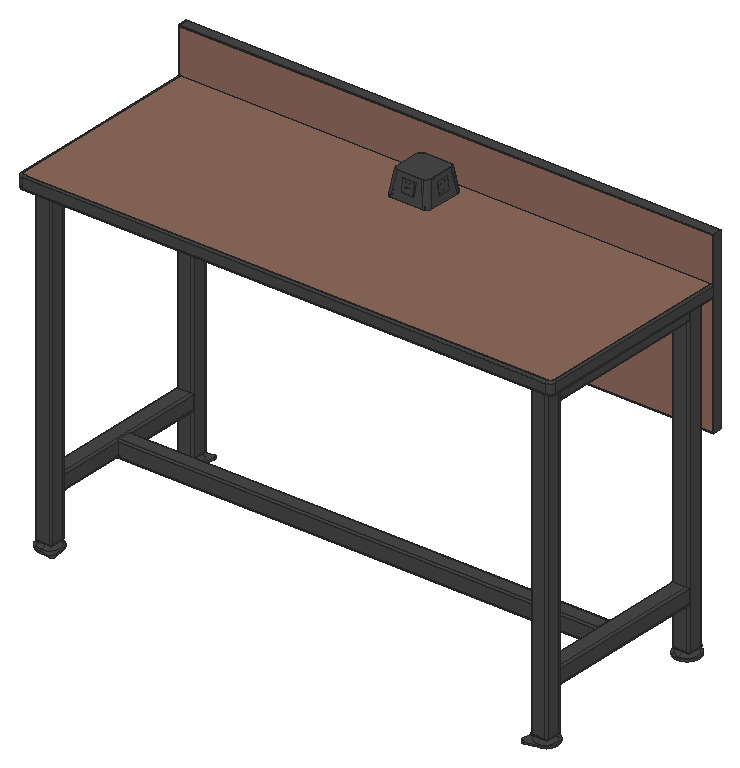
Revit family "Plymold-Aurora-Table_Dining_Counter", category Furniture, Revit 2022
Family settings
  OmniClass Number = 23.40.20.00
  OmniClass Title = General Furniture and Specialties
  Work Plane-Based = No
  Always vertical = Yes
  Cut with Voids When Loaded = No
  Render Appearance Source = Family Geometry
  Shared = No
  Room Calculation Point = No
Parameters (values of type "1904830")
  Width = 48"
  URL = "https://plymold.com/"
  Type Comments = "Dining Counter"  # constant formula
  TOP MATERIAL = PLY - Wood Mahogany
  TOP EDGE MATERIAL = PLY - Plastic Black
  Sustainability = "https://plymold.com/plymolds-sustainability-efforts/"
  Revit Model Built By = "https://servex-us.com/servex-revit/"
  Product Documentation Link = "https://plymold.com/product/powered-dining-counter-bar-height/"
  Power [instance] = yes
  POWER FINISH = PLY - Plastic Black
  Model = "1904830"
  Manufacturer = "Plymold Inc."  # constant formula
  MODESTY PANEL MATERIAL = PLY - Wood Mahogany
  Keynote = "12500"  # constant formula
  Height = 30"
  HARDWARE MATERIAL = PLY - Onyx Black Powdercoat
  GLIDE MATERIAL = PLY - Plastic Black
  FootRest = yes
  FRAME MATERIAL = PLY - Onyx Black Powdercoat
  FR Height = 5 7/8"
  Description = "Powered Dining Counter - 48\" Dining Height ADA"
  Depth = 19"
  Default Elevation = 0"
  Assembly Code = "E2020200"
Types (5): name | Width | Model | Height | FR Height | Description
  (no name) | 48" | "1904830" | 30" | 5 7/8" | "Powered Dining Counter - 48\" Dining Height ADA"
  1904830 | 48" | "1904830" | 30" | 5 7/8" | "Powered Dining Counter - 48\" Dining Height ADA"
  1909642 | 96" | "1909642" | 42" | 11 7/8" | "Powered Dining Counter - 96\" Long Bar Height"
  1904842 | 48" | "1904842" | 42" | 11 7/8" | "Powered Dining Counter - 48\" Long Bar Height"
  1907242 | 72" | "1907242" | 42" | 11 7/8" | "Powered Dining Counter - 72\" Long Bar Height"
Reference planes (in)
  plane 1 "Center Front/Back": y = 0
  plane 2: z = 0
  plane 3 "Center Left/Right": x = 0
  plane 4: z = 30
  plane 5: x = 48
  plane 6: y = -19
  plane 7: x = 1.75
  plane 8: x = 46.2502
  plane 9: z = 28.813
  plane 10: x = 23.98438
  plane 11: x = 24.01562
  plane 12: z = 5.875
Forms (in)
  Revolve 1, solid, material "PLY - Plastic Black" <- "GLIDE MATERIAL"
    sketch origin (1.75, -2.49539, 48) x (0, -1, 0) y (0, 0, 1)
      loop
        line (-0.91339, -47.447) -> (-1.10092, -47.447) -> (-1.10092, -47.5) -> (-1.28839, -47.5)
        arc (-1.28839, -47.5) -> (-1.50571, -47.75481) -> (-1.82679, -47.85) r 0.5891
        line (-1.82679, -47.85) -> (-0.91339, -47.85) -> (-0.91339, -47.447)
      axis (-0.91339, -47.447) -> (-0.91339, -47.85)
    angle from 0 to 360
  Extrusion 2, solid, material "PLY - Plastic Black" <- "GLIDE MATERIAL"
    sketch origin (0, 0, 0) x (1, 0, 0) y (0, 1, 0)
      loop
        line (0.9999, -0.932) -> (0.9999, -2.232)
        arc (0.9999, -2.232) -> (1.02919, -2.30271) -> (1.0999, -2.332) r 0.1
        line (1.0999, -2.332) -> (2.3999, -2.332)
        arc (2.3999, -2.332) -> (2.47061, -2.30271) -> (2.4999, -2.232) r 0.1
        line (2.4999, -2.232) -> (2.4999, -0.932)
        arc (2.4999, -0.932) -> (2.47061, -0.86129) -> (2.3999, -0.832) r 0.1
        line (2.3999, -0.832) -> (1.0999, -0.832)
        arc (1.0999, -0.832) -> (1.02919, -0.86129) -> (0.9999, -0.932) r 0.1
      loop
        arc (47.0001, -0.932) -> (46.97081, -0.86129) -> (46.9001, -0.832) r 0.1
        line (46.9001, -0.832) -> (45.6001, -0.832)
        arc (45.6001, -0.832) -> (45.52939, -0.86129) -> (45.5001, -0.932) r 0.1
        line (45.5001, -0.932) -> (45.5001, -2.232)
        arc (45.5001, -2.232) -> (45.52939, -2.30271) -> (45.6001, -2.332) r 0.1
        line (45.6001, -2.332) -> (46.9001, -2.332)
        arc (46.9001, -2.332) -> (46.97081, -2.30271) -> (47.0001, -2.232) r 0.1
        line (47.0001, -2.232) -> (47.0001, -0.932)
      loop
        arc (0.9999, -18.15) -> (1.02919, -18.22071) -> (1.0999, -18.25) r 0.1
        line (1.0999, -18.25) -> (2.3999, -18.25)
        arc (2.3999, -18.25) -> (2.47061, -18.22071) -> (2.4999, -18.15) r 0.1
        line (2.4999, -18.15) -> (2.4999, -16.85)
        arc (2.4999, -16.85) -> (2.47061, -16.77929) -> (2.3999, -16.75) r 0.1
        line (2.3999, -16.75) -> (1.0999, -16.75)
        arc (1.0999, -16.75) -> (1.02919, -16.77929) -> (0.9999, -16.85) r 0.1
        line (0.9999, -16.85) -> (0.9999, -18.15)
      loop
        line (47.0001, -18.15) -> (47.0001, -16.85)
        arc (47.0001, -16.85) -> (46.97081, -16.77929) -> (46.9001, -16.75) r 0.1
        line (46.9001, -16.75) -> (45.6001, -16.75)
        arc (45.6001, -16.75) -> (45.52939, -16.77929) -> (45.5001, -16.85) r 0.1
        line (45.5001, -16.85) -> (45.5001, -18.15)
        arc (45.5001, -18.15) -> (45.52939, -18.22071) -> (45.6001, -18.25) r 0.1
        line (45.6001, -18.25) -> (46.9001, -18.25)
        arc (46.9001, -18.25) -> (46.97081, -18.22071) -> (47.0001, -18.15) r 0.1
    from 0.553 to 0.623
  Extrusion 3, solid, material "PLY - Onyx Black Powdercoat" <- "FRAME MATERIAL"
    sketch origin (0, 0, 0) x (1, 0, 0) y (0, 1, 0)
      loop
        line (0.9999, -16.9375) -> (0.9999, -18.0625)
        arc (0.9999, -18.0625) -> (1.05482, -18.19508) -> (1.1874, -18.25) r 0.1875
        line (1.1874, -18.25) -> (2.3124, -18.25)
        arc (2.3124, -18.25) -> (2.44498, -18.19508) -> (2.4999, -18.0625) r 0.1875
        line (2.4999, -18.0625) -> (2.4999, -16.9375)
        arc (2.4999, -16.9375) -> (2.44498, -16.80492) -> (2.3124, -16.75) r 0.1875
        line (2.3124, -16.75) -> (1.1874, -16.75)
        arc (1.1874, -16.75) -> (1.05482, -16.80492) -> (0.9999, -16.9375) r 0.1875
      loop
        line (45.5001, -16.9375) -> (45.5001, -18.0625)
        arc (45.5001, -18.0625) -> (45.55502, -18.19508) -> (45.6876, -18.25) r 0.1875
        line (45.6876, -18.25) -> (46.8126, -18.25)
        arc (46.8126, -18.25) -> (46.94518, -18.19508) -> (47.0001, -18.0625) r 0.1875
        line (47.0001, -18.0625) -> (47.0001, -16.9375)
        arc (47.0001, -16.9375) -> (46.94518, -16.80492) -> (46.8126, -16.75) r 0.1875
        line (46.8126, -16.75) -> (45.6876, -16.75)
        arc (45.6876, -16.75) -> (45.55502, -16.80492) -> (45.5001, -16.9375) r 0.1875
      loop
        line (0.9999, -1.0195) -> (0.9999, -2.1445)
        arc (0.9999, -2.1445) -> (1.05482, -2.27708) -> (1.1874, -2.332) r 0.1875
        line (1.1874, -2.332) -> (2.3124, -2.332)
        arc (2.3124, -2.332) -> (2.44498, -2.27708) -> (2.4999, -2.1445) r 0.1875
        line (2.4999, -2.1445) -> (2.4999, -1.0195)
        arc (2.4999, -1.0195) -> (2.44498, -0.88692) -> (2.3124, -0.832) r 0.1875
        line (2.3124, -0.832) -> (1.1874, -0.832)
        arc (1.1874, -0.832) -> (1.05482, -0.88692) -> (0.9999, -1.0195) r 0.1875
      loop
        line (45.5001, -1.0195) -> (45.5001, -2.1445)
        arc (45.5001, -2.1445) -> (45.55502, -2.27708) -> (45.6876, -2.332) r 0.1875
        line (45.6876, -2.332) -> (46.8126, -2.332)
        arc (46.8126, -2.332) -> (46.94518, -2.27708) -> (47.0001, -2.1445) r 0.1875
        line (47.0001, -2.1445) -> (47.0001, -1.0195)
        arc (47.0001, -1.0195) -> (46.94518, -0.88692) -> (46.8126, -0.832) r 0.1875
        line (46.8126, -0.832) -> (45.6876, -0.832)
        arc (45.6876, -0.832) -> (45.55502, -0.88692) -> (45.5001, -1.0195) r 0.1875
    from 0.623 to 28.686
  Extrusion 4, solid, material "PLY - Onyx Black Powdercoat" <- "FRAME MATERIAL"
    sketch origin (0, 0, 0) x (1, 0, 0) y (0, 0, 1)
      loop
        line (0.9999, 28.4985) -> (0.9999, 27.3735)
        arc (0.9999, 27.3735) -> (1.05482, 27.24092) -> (1.1874, 27.186) r 0.1875
        line (1.1874, 27.186) -> (2.3124, 27.186)
        arc (2.3124, 27.186) -> (2.44498, 27.24092) -> (2.4999, 27.3735) r 0.1875
        line (2.4999, 27.3735) -> (2.4999, 28.4985)
        arc (2.4999, 28.4985) -> (2.44498, 28.63108) -> (2.3124, 28.686) r 0.1875
        line (2.3124, 28.686) -> (1.1874, 28.686)
        arc (1.1874, 28.686) -> (1.05482, 28.63108) -> (0.9999, 28.4985) r 0.1875
      loop
        arc (47.00043, 28.49846) -> (46.94546, 28.63118) -> (46.81274, 28.68616) r 0.1877
        line (46.81274, 28.68616) -> (45.68746, 28.68616)
        arc (45.68746, 28.68616) -> (45.55474, 28.63118) -> (45.49977, 28.49846) r 0.1877
        line (45.49977, 28.49846) -> (45.49977, 27.37354)
        arc (45.49977, 27.37354) -> (45.55474, 27.24082) -> (45.68746, 27.18584) r 0.1877
        line (45.68746, 27.18584) -> (46.81274, 27.18584)
        arc (46.81274, 27.18584) -> (46.94546, 27.24082) -> (47.00043, 27.37354) r 0.1877
        line (47.00043, 27.37354) -> (47.00043, 28.49846)
      loop
        line (0.9999, 5.6875) -> (0.9999, 4.56045)
        arc (0.9999, 4.56045) -> (1.05483, 4.42784) -> (1.18744, 4.37291) r 0.18754
        line (1.18744, 4.37291) -> (2.31236, 4.37291)
        arc (2.31236, 4.37291) -> (2.44497, 4.42784) -> (2.4999, 4.56045) r 0.18754
        line (2.4999, 4.56045) -> (2.4999, 5.6875)
        arc (2.4999, 5.6875) -> (2.44498, 5.82008) -> (2.3124, 5.875) r 0.1875
        line (2.3124, 5.875) -> (1.1874, 5.875)
        arc (1.1874, 5.875) -> (1.05482, 5.82008) -> (0.9999, 5.6875) r 0.1875
      loop
        arc (47.00043, 5.68657) -> (46.94524, 5.81981) -> (46.812, 5.875) r 0.18843
        line (46.812, 5.875) -> (45.6882, 5.875)
        arc (45.6882, 5.875) -> (45.55496, 5.81981) -> (45.49977, 5.68657) r 0.18843
        line (45.49977, 5.68657) -> (45.49977, 4.56058)
        arc (45.49977, 4.56058) -> (45.55474, 4.42788) -> (45.68744, 4.37291) r 0.18767
        line (45.68744, 4.37291) -> (46.81276, 4.37291)
        arc (46.81276, 4.37291) -> (46.94546, 4.42788) -> (47.00043, 4.56058) r 0.18767
        line (47.00043, 4.56058) -> (47.00043, 5.68657)
    from 2.332 to 16.75
  Revolve 5, solid, material "PLY - Plastic Black" <- "GLIDE MATERIAL"
    sketch origin (1.75, -19.49539, 48) x (0, -1, 0) y (0, 0, 1)
      loop
        line (-1.99539, -47.447) -> (-2.18292, -47.447) -> (-2.18292, -47.5) -> (-2.37039, -47.5)
        arc (-2.37039, -47.5) -> (-2.58771, -47.75481) -> (-2.90879, -47.85) r 0.5891
        line (-2.90879, -47.85) -> (-1.99539, -47.85) -> (-1.99539, -47.447)
      axis (-1.99539, -47.447) -> (-1.99539, -47.85)
    angle from 0 to 360
  Revolve 6, solid, material "PLY - Plastic Black" <- "GLIDE MATERIAL"
    sketch origin (46.2502, -2.49539, 48) x (0, -1, 0) y (0, 0, 1)
      loop
        line (-0.91339, -47.447) -> (-1.10092, -47.447) -> (-1.10092, -47.5) -> (-1.28839, -47.5)
        arc (-1.28839, -47.5) -> (-1.50571, -47.75481) -> (-1.82679, -47.85) r 0.5891
        line (-1.82679, -47.85) -> (-0.91339, -47.85) -> (-0.91339, -47.447)
      axis (-0.91339, -47.447) -> (-0.91339, -47.85)
    angle from 0 to 360
  Extrusion 7, solid, material "PLY - Plastic Black" <- "GLIDE MATERIAL"
    sketch origin (0, 0, 0) x (1, 0, 0) y (0, 1, 0)
      loop
        arc (3.03158, -0.65764) -> (2.9436, -0.3884) -> (2.67436, -0.30042) r 0.313
        line (2.67436, -0.30042) -> (1.57781, -0.47026)
        arc (1.57781, -0.47026) -> (0.9545, -2.3775) -> (2.86174, -1.75419) r 1.125
        line (2.86174, -1.75419) -> (3.03158, -0.65764)
      loop
        line (44.96862, -0.65764) -> (45.13846, -1.75419)
        arc (45.13846, -1.75419) -> (47.0457, -2.3775) -> (46.42239, -0.47026) r 1.125
        line (46.42239, -0.47026) -> (45.32584, -0.30042)
        arc (45.32584, -0.30042) -> (45.0566, -0.3884) -> (44.96862, -0.65764) r 0.313
      loop
        line (3.03158, -18.42436) -> (2.86174, -17.32781)
        arc (2.86174, -17.32781) -> (0.9545, -16.7045) -> (1.57781, -18.61174) r 1.125
        line (1.57781, -18.61174) -> (2.67436, -18.78158)
        arc (2.67436, -18.78158) -> (2.9436, -18.6936) -> (3.03158, -18.42436) r 0.313
      loop
        arc (44.96862, -18.42436) -> (45.0566, -18.6936) -> (45.32584, -18.78158) r 0.313
        line (45.32584, -18.78158) -> (46.42239, -18.61174)
        arc (46.42239, -18.61174) -> (47.0457, -16.7045) -> (45.13846, -17.32781) r 1.125
        line (45.13846, -17.32781) -> (44.96862, -18.42436)
    from 0 to 0.15
  Extrusion 8, solid, material "PLY - Onyx Black Powdercoat" <- "HARDWARE MATERIAL"
    sketch origin (0, 0, 0) x (1, 0, 0) y (0, 1, 0)
      loop
        line (6.7499, -0.832) -> (0.2499, -0.832) -> (0.2499, -6.25) -> (6.7499, -0.832)
      loop
        line (41.2501, -0.832) -> (47.7501, -6.25) -> (47.7501, -0.832) -> (41.2501, -0.832)
      loop
        line (6.7499, -18.25) -> (0.2499, -11.75) -> (0.2499, -18.25) -> (6.7499, -18.25)
      loop
        line (41.2501, -18.25) -> (47.7501, -18.25) -> (47.7501, -11.75) -> (41.2501, -18.25)
    from 28.686 to 28.813
  Sweep 9, solid, material "PLY - Plastic Black" <- "TOP EDGE MATERIAL"
    path origin (0, 0, 0) x (1, 0, 0) y (0, 0, 1)
      loop
        line (0, 34) -> (0, 18) -> (48, 18) -> (48, 34) -> (0, 34)
    profile origin (24, 0, 34) x (0, 0, 1) y (0, -1, 0)
      loop
        line (0, 0) -> (0, 0.832) -> (-0.03937, 0.832) -> (-0.03937, 0) -> (0, 0)
  Extrusion 10, solid, material "PLY - Wood Mahogany" <- "MODESTY PANEL MATERIAL"
    sketch origin (0, 0, 0) x (1, 0, 0) y (0, 0, 1)
      loop
        line (0.03937, 33.96063) -> (0.03937, 18.03937) -> (47.96063, 18.03937) -> (47.96063, 33.96063) -> (0.03937, 33.96063)
    from 0 to 0.832
  Sweep 11, solid, material "PLY - Plastic Black" <- "TOP EDGE MATERIAL"
    path origin (0, 0, 30) x (0, 1, 0) y (-1, 0, 0)
      loop
        line (-0.832, 0) -> (-18.5, 0)
        arc (-18.5, 0) -> (-18.85355, -0.14645) -> (-19, -0.5) r 0.5
        line (-19, -0.5) -> (-19, -47.5)
        arc (-19, -47.5) -> (-18.85355, -47.85355) -> (-18.5, -48) r 0.5
        line (-18.5, -48) -> (-0.832, -48)
    profile origin (24, -19, 30) x (0, 1, 0) y (0, 0, 1)
      loop
        arc (0.1874, 0) -> (0.05489, -0.05489) -> (0, -0.1874) r 0.1874
        line (0, -0.1874) -> (0, -0.9996)
        arc (0, -0.9996) -> (0.05489, -1.13211) -> (0.1874, -1.187) r 0.1874
        line (0.1874, -1.187) -> (0.1874, 0)
  Extrusion 12, solid, material "PLY - Wood Mahogany" <- "TOP MATERIAL"
    sketch origin (0, -0.832, 28.813) x (0, 1, 0) y (-1, 0, 0)
      loop
        line (0, -0.1874) -> (-17.668, -0.1874)
        arc (-17.668, -0.1874) -> (-17.88904, -0.27896) -> (-17.9806, -0.5) r 0.3126
        line (-17.9806, -0.5) -> (-17.9806, -47.5)
        arc (-17.9806, -47.5) -> (-17.88904, -47.72104) -> (-17.668, -47.8126) r 0.3126
        line (-17.668, -47.8126) -> (0, -47.8126) -> (0, -0.1874)
    from 0 to 1.187
  Revolve 13, solid, material "PLY - Plastic Black" <- "GLIDE MATERIAL"
    sketch origin (46.2502, -2.49539, 48) x (0, -1, 0) y (0, 0, 1)
      loop
        line (15.00461, -47.447) -> (14.81708, -47.447) -> (14.81708, -47.5) -> (14.62961, -47.5)
        arc (14.62961, -47.5) -> (14.41229, -47.75481) -> (14.09121, -47.85) r 0.5891
        line (14.09121, -47.85) -> (15.00461, -47.85) -> (15.00461, -47.447)
      axis (15.00461, -47.447) -> (15.00461, -47.85)
    angle from 0 to 360
  Extrusion 14, solid, material "PLY - Onyx Black Powdercoat" <- "FRAME MATERIAL", visible <- "FootRest"
    sketch origin (0, 0, 0) x (0, 1, 0) y (0, 0, 1)
      loop
        arc (-9.332, 5.717) -> (-9.37698, 5.8286) -> (-9.488, 5.875) r 0.15601
        line (-9.488, 5.875) -> (-10.676, 5.875)
        arc (-10.676, 5.875) -> (-10.78643, 5.82802) -> (-10.832, 5.717) r 0.15801
        line (-10.832, 5.717) -> (-10.832, 4.529)
        arc (-10.832, 4.529) -> (-10.78631, 4.41869) -> (-10.676, 4.373) r 0.156
        line (-10.676, 4.373) -> (-9.488, 4.373)
        arc (-9.488, 4.373) -> (-9.37769, 4.41869) -> (-9.332, 4.529) r 0.156
        line (-9.332, 4.529) -> (-9.332, 5.717)
      loop
        arc (-8.25, 28.655) -> (-8.29498, 28.7666) -> (-8.406, 28.813) r 0.15601
        line (-8.406, 28.813) -> (-9.594, 28.813)
        arc (-9.594, 28.813) -> (-9.70443, 28.76602) -> (-9.75, 28.655) r 0.15801
        line (-9.75, 28.655) -> (-9.75, 27.467)
        arc (-9.75, 27.467) -> (-9.70431, 27.35669) -> (-9.594, 27.311) r 0.156
        line (-9.594, 27.311) -> (-8.406, 27.311)
        arc (-8.406, 27.311) -> (-8.29569, 27.35669) -> (-8.25, 27.467) r 0.156
        line (-8.25, 27.467) -> (-8.25, 28.655)
    from 2.4999 to 45.49977
Lines and regions (in)
  symbolic lines
    curve 1: line (0, 0, 28.813) -> (48, 0, 28.813)
    curve 2: line (0, -19, 28.813) -> (0, 0, 28.813)
    curve 3: line (48, -19, 28.813) -> (0, -19, 28.813)
    curve 4: line (48, 0, 28.813) -> (48, -19, 28.813)
    curve 5: line (0, -0.832, 28.813) -> (48, -0.832, 28.813)
  symbolic lines, style "FurnitureHiddenLines", detail levels fine
    curve 6: line (0.9999, -18.25, 28.813) -> (0.9999, -0.832, 28.813)
    curve 7: line (2.4999, -18.25, 28.813) -> (0.9999, -18.25, 28.813)
    curve 8: line (2.4999, -0.832, 28.813) -> (2.4999, -18.25, 28.813)
    curve 9: line (47.0001, -18.25, 28.813) -> (47.0001, -0.832, 28.813)
    curve 10: line (45.5001, -18.25, 28.813) -> (47.0001, -18.25, 28.813)
    curve 11: line (45.5001, -0.832, 28.813) -> (45.5001, -18.25, 28.813)
  symbolic lines, style "FurnitureHiddenLines", visible <- "FootRest", detail levels fine
    curve 12: line (2.4999, -9.332, 28.813) -> (45.5001, -9.332, 28.813)
    curve 13: line (45.5001, -10.832, 28.813) -> (2.4999, -10.832, 28.813)
Dimensions and locks (in)
  "Width": plane 3 "Center Left/Right" to plane 5
  "Depth": plane 1 "Center Front/Back" to plane 6
  "Height": plane 4 to plane 2
  Extrusion 2 sketch curve to Extrusion 2 sketch curve to plane 6 = 1 1/2" locked, 3/4" locked
  Extrusion 2 sketch curve to Extrusion 2 sketch curve to plane 1 "Center Front/Back" = 1 1/2" locked, 0.832" locked
  plane 3 "Center Left/Right" to Extrusion 2 sketch curve to Extrusion 2 sketch curve = 0.9999" locked, 1 1/2" locked
  Extrusion 2 sketch curve to Extrusion 2 sketch curve to plane 5 = 1 1/2" locked, 0.9999" locked
  Extrusion 3 sketch curve to Extrusion 3 sketch curve to plane 1 "Center Front/Back" = 1 1/2" locked, 0.832" locked
  plane 3 "Center Left/Right" to Extrusion 3 sketch curve to Extrusion 3 sketch curve = 0.9999" locked, 1 1/2" locked
  Extrusion 3 sketch curve to Extrusion 3 sketch curve to plane 5 = 1 1/2" locked, 0.9999" locked
  Extrusion 3 sketch curve to Extrusion 3 sketch curve to plane 6 = 1 1/2" locked, 3/4" locked
  Extrusion 2 to Extrusion 2 to plane 2 = 0.07" locked, 0.553" locked
  plane 4 to Extrusion 4 sketch curve to Extrusion 4 sketch curve = 1.314" locked, 1 1/2" locked
  Extrusion 4 sketch curve to Extrusion 4 sketch curve to plane 3 "Center Left/Right" = 1 1/2" locked, 0.9999" locked
  locked: Extrusion 3 to plane 2 at 0.623
  locked: plane 3 "Center Left/Right" to plane 7 at 1.75
  locked: plane 8 to plane 5 at 1.7498
  plane 1 "Center Front/Back" to Revolve 1 sketch curve to Revolve 1 sketch curve to Revolve 1 sketch curve to Revolve 1 sketch curve to Revolve 1 sketch curve = 0.66861" locked, 0.53839" locked, 0.18748" locked, 0.18752" locked, 0" locked
  Revolve 6 sketch curve to Revolve 6 sketch curve to Revolve 6 sketch curve to Revolve 6 sketch curve to Revolve 6 sketch curve = 0.53839" locked, 0.18748" locked, 0.18752" locked, 0" locked
  Revolve 5 sketch curve to Revolve 5 sketch curve to Revolve 5 sketch curve to Revolve 5 sketch curve to Revolve 5 sketch curve to plane 6 = 0.53839" locked, 0.18748" locked, 0.18752" locked, 0" locked, 1 1/2" locked
  locked: Extrusion 7 sketch curve to plane 1 "Center Front/Back" at 1.582
  locked: Extrusion 7 sketch curve to plane 1 "Center Front/Back" at 0.60973
  locked: plane 7 to Extrusion 7 sketch curve at 0.97227  (x2)
  Extrusion 7 sketch curve to Extrusion 7 sketch curve to plane 6 = 0.97227" locked, 0.52773" locked  (x2)
  locked: Extrusion 7 sketch curve to plane 8 at 0.97227  (x2)
  Extrusion 7 sketch curve to Extrusion 7 sketch curve to plane 1 "Center Front/Back" = 0.97227" locked, 0.60973" locked
  locked: Extrusion 8 sketch curve to plane 1 "Center Front/Back" at 0.832  (x2)
  locked: Extrusion 8 sketch curve to plane 5 at 0.2499  (x2)
  locked: plane 3 "Center Left/Right" to Extrusion 8 sketch curve at 0.2499  (x2)
  locked: Extrusion 8 sketch curve to plane 6 at 0.75  (x2)
  locked: plane 4 to plane 9 at 1.187
  locked: plane 9 to Extrusion 3 at 0.127
  locked: plane 9 to Extrusion 8 at 0.127
  locked: Extrusion 7 to plane 2 at 0.15
  Sweep 9 sketch curve to plane 4 to Sweep 9 sketch curve = 4" locked, 12" locked
  locked: profile plane to Sweep 9 sketch curve at 0.832
  locked: Sweep 9 sketch curve to profile plane at 0.03937
  locked: Sweep 11 sketch curve to plane 1 "Center Front/Back" at 0.832  (x2)
  locked: Sweep 11 sketch curve to profile plane at 0.1874
  locked: plane 4 to Sweep 11 sketch curve at 0.1874
  locked: Sweep 11 sketch curve to plane 9 at 0.1874
  locked: Extrusion 12 sketch curve to plane 1 "Center Front/Back" at 0.832
  locked: plane 3 "Center Left/Right" to Extrusion 12 sketch curve at 0.1874
  locked: Extrusion 12 sketch curve to plane 5 at 0.1874
  locked: Extrusion 12 sketch curve to plane 6 at 0.1874
  Revolve 13 sketch curve to Revolve 13 sketch curve to Revolve 13 sketch curve to Revolve 13 sketch curve to Revolve 13 sketch curve to plane 6 = 0.53839" locked, 0.18748" locked, 0.18752" locked, 0" locked, 1 1/2" locked
  locked: plane 3 "Center Left/Right" to plane 10 at 23.98438
  locked: plane 11 to plane 5 at 23.98438
  locked: nested 1 to plane 1 "Center Front/Back" at 3.332
  nested 2 to plane 1 "Center Front/Back" = 3.332"
  "FR Height": plane 12 to plane 2
  locked: plane 12 to Extrusion 4 sketch curve at 1.50209
  locked: Extrusion 14 sketch curve to plane 12 at 1.502
  plane 1 "Center Front/Back" to Extrusion 14 sketch curve to Extrusion 14 sketch curve = 9.332" locked, 1 1/2" locked
  locked: plane 7 to Extrusion 14 at 0.7499
  locked: Extrusion 14 to plane 8 at 0.75043
  locked: Extrusion 14 sketch curve to Extrusion 14 sketch curve at 1.5
  locked: plane 9 to Extrusion 14 sketch curve at 1.502
  aligned and locked: level to plane 2
  aligned and locked: Extrusion 2 sketch curve to Extrusion 2 sketch curve  (x8)
  aligned and locked: Extrusion 3 sketch curve to Extrusion 3 sketch curve  (x8)
  aligned and locked: Extrusion 4 sketch curve to Extrusion 4 sketch curve  (x6)
  aligned and locked: plane 7 to Extrusion 7 sketch curve  (x2)
  aligned and locked: plane 8 to Extrusion 7 sketch curve  (x2)
  aligned and locked: Extrusion 3 to Extrusion 4
  aligned and locked: plane 9 to Extrusion 8
  aligned and locked: Extrusion 7 to plane 2
  aligned and locked: Extrusion 7 to Revolve 1
  aligned and locked: plane 5 to Sweep 9 sketch curve
  aligned and locked: plane 3 "Center Left/Right" to Sweep 9 sketch curve
  aligned and locked: profile plane to Sweep 9 sketch curve  (x2)
  aligned and locked: Sweep 9 to Extrusion 10 sketch curve
  aligned and locked: Extrusion 10 sketch curve to Sweep 9  (x3)
  aligned and locked: Extrusion 10 to plane 1 "Center Front/Back"
  aligned and locked: Sweep 9 to Extrusion 10
  aligned and locked: Sweep 11 sketch curve to plane 3 "Center Left/Right"
  aligned and locked: Sweep 11 sketch curve to plane 5
  aligned and locked: Sweep 11 sketch curve to plane 6
  aligned and locked: profile plane to Sweep 11 sketch curve
  aligned and locked: Extrusion 12 to plane 9
  aligned and locked: plane 4 to Extrusion 12
  aligned and locked: plane 10 to nested 1
  aligned and locked: nested 2 to plane 11
  aligned and locked: plane 4 to nested 2
  aligned and locked: nested 1 to plane 4
  aligned and locked: curve 1 to Sweep 9
  aligned and locked: plane 6 to curve 3
  aligned and locked: plane 5 to curve 4
  aligned and locked: curve 5 to Sweep 9
  aligned and locked: plane 3 "Center Left/Right" to curve 2
  aligned and locked: curve 6 to Extrusion 2
  aligned and locked: curve 7 to Extrusion 8
  aligned and locked: curve 11 to Extrusion 3
  aligned and locked: curve 9 to Extrusion 3
  aligned and locked: Extrusion 8 to curve 10
  aligned and locked: curve 8 to Extrusion 3
  aligned and locked: Extrusion 4 sketch curve to plane 12
  aligned and locked: Extrusion 14 sketch curve to plane 12
  aligned and locked: curve 13 to Extrusion 14
  aligned and locked: plane 9 to Extrusion 14 sketch curve
  aligned and locked: Extrusion 4 to Extrusion 3
Automatic sketch dimensions
  level to Revolve 1 sketch curve = 0.15"
  level to Revolve 1 sketch curve = 1/2"
  Revolve 1 sketch curve to Revolve 1 sketch curve = 0.053"
  Revolve 1 sketch curve to level = 0.1"
  Revolve 1 sketch curve to Revolve 1 sketch curve = 0"
  Extrusion 2 sketch curve to Extrusion 2 sketch curve = 0.1"  (x16)
  Extrusion 3 sketch curve to Extrusion 3 sketch curve = 3/16"  (x16)
  Extrusion 4 sketch curve to Extrusion 4 sketch curve = 3/16"  (x4)
  plane 12 to Extrusion 4 sketch curve = 3/16"  (x2)
  Extrusion 4 sketch curve to Extrusion 4 sketch curve = 0.18754"  (x2)
  Extrusion 4 sketch curve to plane 9 = 0.31454"
  plane 8 to Extrusion 4 sketch curve = 0.75043"
  Extrusion 4 sketch curve to Extrusion 4 sketch curve = 0.18767"  (x2)
  Extrusion 4 sketch curve to plane 9 = 0.12684"
  Extrusion 4 sketch curve to Extrusion 4 sketch curve = 0.1877"
  Extrusion 4 sketch curve to Extrusion 4 sketch curve = 0.18843"
  Extrusion 4 sketch curve to plane 8 = 0.5618"
  Extrusion 4 sketch curve to plane 8 = 0.56254"  (x2)
  Extrusion 4 sketch curve to plane 8 = 0.56256"
  Extrusion 4 sketch curve to Extrusion 4 sketch curve = 1.31262"
  level to Revolve 5 sketch curve = 0.15"
  level to Revolve 5 sketch curve = 1/2"
  Revolve 5 sketch curve to Revolve 5 sketch curve = 0.053"
  Revolve 5 sketch curve to level = 0.1"
  Revolve 5 sketch curve to Revolve 5 sketch curve = 0"
  plane 1 "Center Front/Back" to Revolve 6 sketch curve = 0.66861"
  level to Revolve 6 sketch curve = 0.15"
  level to Revolve 6 sketch curve = 1/2"
  Revolve 6 sketch curve to Revolve 6 sketch curve = 0.053"
  Revolve 6 sketch curve to level = 0.1"
  Revolve 6 sketch curve to Revolve 6 sketch curve = 0"
  plane 7 to Extrusion 7 sketch curve = 0.17219"  (x2)
  plane 1 "Center Front/Back" to Extrusion 7 sketch curve = 0.30042"  (x2)
  Extrusion 7 sketch curve to Extrusion 7 sketch curve = 0.04791"  (x3)
  plane 6 to Extrusion 7 sketch curve = 0.21842"  (x2)
  Extrusion 7 sketch curve to plane 7 = 1.11174"  (x2)
  plane 1 "Center Front/Back" to Extrusion 7 sketch curve = 0.65764"
  plane 6 to Extrusion 7 sketch curve = 0.57564"  (x2)
  Extrusion 7 sketch curve to Extrusion 7 sketch curve = 0.30931"  (x2)
  Extrusion 7 sketch curve to Extrusion 7 sketch curve = 0.16984"  (x2)
  Extrusion 7 sketch curve to plane 8 = 0.17219"  (x2)
  plane 6 to Extrusion 7 sketch curve = 0.38826"  (x2)
  Extrusion 7 sketch curve to Extrusion 7 sketch curve = 1.09656"  (x2)
  Extrusion 8 sketch curve to plane 7 = 4.9999"  (x2)
  plane 8 to Extrusion 8 sketch curve = 5.0001"  (x2)
  Extrusion 8 sketch curve to Extrusion 8 sketch curve = 6 1/2"  (x2)
  Extrusion 8 sketch curve to Extrusion 8 sketch curve = 5 1/2"  (x2)
  plane 6 to Sweep 11 sketch curve = 1/2"
  Sweep 11 sketch curve to Sweep 11 sketch curve = 1/2"
  Extrusion 12 sketch curve to Extrusion 12 sketch curve = 0.3126"  (x2)
  level to Revolve 13 sketch curve = 0.15"
  level to Revolve 13 sketch curve = 1/2"
  Revolve 13 sketch curve to Revolve 13 sketch curve = 0.053"
  Revolve 13 sketch curve to level = 0.1"
  Revolve 13 sketch curve to Revolve 13 sketch curve = 0"
  curve 13 to curve 12 = 1 1/2"
  plane 6 to Extrusion 14 sketch curve = 9 1/4"
  Extrusion 14 sketch curve to Extrusion 14 sketch curve = 0.156"  (x8)
  Extrusion 14 sketch curve to plane 9 = 0.158"  (x2)
  plane 12 to Extrusion 14 sketch curve = 0.158"  (x2)
Nested families (in)
  nested 1: "power" at (23.98437, -3.332, 30), POWER FINISH <- "POWER FINISH", Power <- "Power", type "power"
    with Power yes, POWER FINISH PLY - Plastic Black
  nested 2: "power" at (24.01562, -3.332, 30) x (-1, 0, 0) z (0, 0, 1), POWER FINISH <- "POWER FINISH", Power <- "Power", type "power"
    with Power yes, POWER FINISH PLY - Plastic Black
Definition of nested family "power"
  Parameters (values of type "power")
    Power [instance] = yes
    POWER FINISH [instance] = none
    Default Elevation = 0"
  Reference planes (in)
    plane 1 "Center Front/Back": y = 0
    plane 2: z = 0
    plane 3 "Center Left/Right": x = 0
  Forms (in)
    Blend 1, solid, material <- "POWER FINISH", visible <- "Power"
      base sketch origin (0, 0, 0) x (1, 0, 0) y (0, 1, 0)
        loop
          line (-1.875, 1.43033) -> (-1.875, -1.43033)
          arc (-1.875, -1.43033) -> (-1.74476, -1.74476) -> (-1.43033, -1.875) r 0.44467
          line (-1.43033, -1.875) -> (1.43033, -1.875)
          arc (1.43033, -1.875) -> (1.74476, -1.74476) -> (1.875, -1.43033) r 0.44467
          line (1.875, -1.43033) -> (1.875, 1.43033)
          arc (1.875, 1.43033) -> (1.74476, 1.74476) -> (1.43033, 1.875) r 0.44467
          line (1.43033, 1.875) -> (-1.43033, 1.875)
          arc (-1.43033, 1.875) -> (-1.74476, 1.74476) -> (-1.875, 1.43033) r 0.44467
      top sketch origin (0, 0, 0) x (1, 0, 0) y (0, 1, 0)
        loop
          line (-1.545, 1.10033) -> (-1.545, -1.10033)
          arc (-1.545, -1.10033) -> (-1.41476, -1.41476) -> (-1.10033, -1.545) r 0.44467
          line (-1.10033, -1.545) -> (1.10033, -1.545)
          arc (1.10033, -1.545) -> (1.41476, -1.41476) -> (1.545, -1.10033) r 0.44467
          line (1.545, -1.10033) -> (1.545, 1.10033)
          arc (1.545, 1.10033) -> (1.41476, 1.41476) -> (1.10033, 1.545) r 0.44467
          line (1.10033, 1.545) -> (-1.10033, 1.545)
          arc (-1.10033, 1.545) -> (-1.41476, 1.41476) -> (-1.545, 1.10033) r 0.44467
      from 0 to 2.125
    Extrusion 2, solid, material <- "POWER FINISH", visible <- "Power"
      sketch origin (0, -1.875, 0) x (1, 0, 0) y (0, 0.153455, 0.988156)
        loop
          line (-0.52667, 1.75047) -> (-0.52667, 0.69047) -> (0.53, 0.69047) -> (0.53, 1.75047) -> (-0.52667, 1.75047)
        loop
          line (-0.25, 1.09047) -> (0.25, 1.09047) -> (0.25, 1.22047) -> (-0.25, 1.22047) -> (-0.25, 1.09047)
        loop
          line (-0.25, 1.46047) -> (0.25, 1.46047) -> (0.25, 1.59047) -> (-0.25, 1.59047) -> (-0.25, 1.46047)
      from 0 to 0.0566
    Extrusion 3, solid, material <- "POWER FINISH", visible <- "Power"
      sketch origin (-1.875, 0, 0) x (0, 1, 0) y (-0.153455, 0, -0.988156)
        loop
          line (-0.52667, -1.75047) -> (0.53, -1.75047) -> (0.53, -0.69047) -> (-0.52667, -0.69047) -> (-0.52667, -1.75047)
        loop
          line (0.29875, -1.26422) -> (0.17375, -1.26422) -> (0.17375, -1.63922) -> (0.29875, -1.63922) -> (0.29875, -1.26422)
        loop
          line (-0.17229, -1.30672) -> (-0.29729, -1.30672) -> (-0.29729, -1.61922) -> (-0.17229, -1.61922) -> (-0.17229, -1.30672)
        loop
          line (0.1, -0.92172) -> (0.1, -0.82172) -> (-0.1, -0.82172) -> (-0.1, -0.92172)
          arc (-0.1, -0.92172) -> (0, -1.02172) -> (0.1, -0.92172) r 0.1
      from 0 to 0.0566
    Extrusion 4, solid, material <- "POWER FINISH", visible <- "Power"
      sketch origin (1.875, 0, 0) x (0, 1, 0) y (-0.153455, 0, 0.988156)
        loop
          line (-0.52667, 1.75047) -> (-0.52667, 0.69047) -> (0.53, 0.69047) -> (0.53, 1.75047) -> (-0.52667, 1.75047)
        loop
          line (0.29875, 1.26422) -> (0.29875, 1.63922) -> (0.17375, 1.63922) -> (0.17375, 1.26422) -> (0.29875, 1.26422)
        loop
          line (-0.17229, 1.30672) -> (-0.17229, 1.61922) -> (-0.29729, 1.61922) -> (-0.29729, 1.30672) -> (-0.17229, 1.30672)
        loop
          arc (0.1, 0.92172) -> (0, 1.02172) -> (-0.1, 0.92172) r 0.1
          line (-0.1, 0.92172) -> (-0.1, 0.82172) -> (0.1, 0.82172) -> (0.1, 0.92172)
      from 0 to 0.0566
    Extrusion 5, solid, material <- "POWER FINISH", visible <- "Power"
      sketch origin (0, 1.875, 0) x (1, 0, 0) y (0, 0.153455, -0.988156)
        loop
          line (-0.52667, -1.75047) -> (0.53, -1.75047) -> (0.53, -0.69047) -> (-0.52667, -0.69047) -> (-0.52667, -1.75047)
        loop
          line (-0.25, -1.09047) -> (-0.25, -1.22047) -> (0.25, -1.22047) -> (0.25, -1.09047) -> (-0.25, -1.09047)
        loop
          line (-0.25, -1.46047) -> (-0.25, -1.59047) -> (0.25, -1.59047) -> (0.25, -1.46047) -> (-0.25, -1.46047)
      from 0 to 0.0566
  Lines and regions (in)
    symbolic lines, visible <- "Power"
      curve 1: line (-1.875, 1.43033, 0) -> (-1.875, -1.43033, 0)
      curve 2: arc (-1.875, -1.43033, 0) -> (-1.74476, -1.74476, 0) -> (-1.43033, -1.875, 0) r 0.44467
      curve 3: line (-1.43033, -1.875, 0) -> (1.43033, -1.875, 0)
      curve 4: arc (1.43033, -1.875, 0) -> (1.74476, -1.74476, 0) -> (1.875, -1.43033, 0) r 0.44467
      curve 5: line (1.875, -1.43033, 0) -> (1.875, 1.43033, 0)
      curve 6: arc (1.875, 1.43033, 0) -> (1.74476, 1.74476, 0) -> (1.43033, 1.875, 0) r 0.44467
      curve 7: line (1.43033, 1.875, 0) -> (-1.43033, 1.875, 0)
      curve 8: arc (-1.43033, 1.875, 0) -> (-1.74476, 1.74476, 0) -> (-1.875, 1.43033, 0) r 0.44467
  Dimensions and locks (in)
    aligned and locked: level to plane 2
